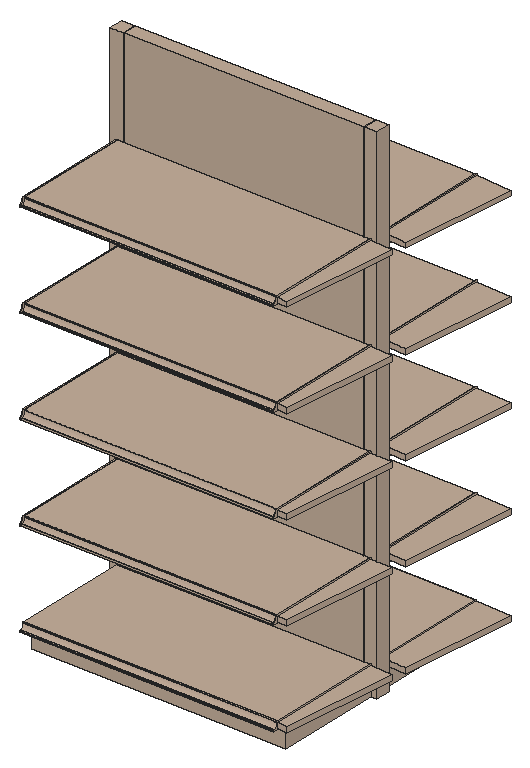
Revit family "ML21 - 6 Degree Angle", category Generic Models, Revit 2012
Parameters (values of type "ML21 - 4'")
  Width = 4' - 0"
  Upright Height [instance] = 8' - 0"
  URL = "http://www.madixinc.com"
  Model = "Maxi Line System - Spacer System for Curved Gondola"
  Material [instance] = Default Madix
  Manufacturer = "© 2014 Madix, Inc. All rights reserved."
  Front Shelf Depth = 1' - 10"
  Back Shelf Depth = 1' - 10"
  4' Front Spacer 6'-6" = yes
  4' Front Spacer 5' = yes
  4' Front Spacer 3'-6" = yes
  4' Front Spacer 2' = yes
  Front Wedge [instance] = Front  # 1' - 10"
  Front Shelf 6'-6" [instance] = yes
  Front Shelf 5' [instance] = yes
  Front Shelf 3'-6" [instance] = yes
  Front Shelf 2' [instance] = yes
  4' Front Base Spacer = yes
  Front Base Shelf [instance] = yes
  Front [instance] = 1' - 10"
  Back Wedge [instance] = Back  # 1' - 10"
  Back Shelf 6'-6" [instance] = yes
  Back Shelf 5' [instance] = yes
  Back Shelf 3'-6" [instance] = yes
  Back Shelf 2' [instance] = yes
  Back Base Shelf [instance] = yes
  Back [instance] = 1' - 10"
  4' Back Spacer 6'-6" = yes
  4' Back Spacer 5' = yes
  4' Back Spacer 3'-6" = yes
  4' Back Spacer 2' = yes
  4' Back Base Spacer = yes
  3' Front Spacer 3'-6" = no
  3' Front Spacer 6'-6" = no
  3' Front Spacer 5' = no
  3' Front Spacer 2' = no
  3' Front Base Spacer = no
  3' Back Spacer 6'-6" = no
  3' Back Spacer 5' = no
  3' Back Spacer 3'-6" = no
  3' Back Spacer 2' = no
  3' Back Base Spacer = no
Reference planes (in)
  plane 1 "Center (Front/Back)": y = 0
  plane 2: z = 0
  plane 3 "Center (Left/Right)": x = 0
Forms (in)
  Extrusion 1, solid, material "Default Madix" <- "Material", visible <- "4' Back Base Spacer"
    sketch origin (0, 0, 4.375) x (1, 0, 0) y (0, 1, 0)
      loop
        line (24, 1.44033) -> (28.58682, 1.20061) -> (30.87333, 23.11113) -> (24, 23.47035) -> (24, 1.44033)
    from 0 to 1
  Extrusion 2, solid, material "Default Madix" <- "Material", visible <- "4' Front Base Spacer"
    sketch origin (0, 0, 4.375) x (1, 0, 0) y (0, 1, 0)
      loop
        line (24, -1.48798) -> (24, -23.518) -> (25.99493, -23.62226) -> (28.28196, -1.71177) -> (24, -1.48798)
    from 0 to 1
  Extrusion 3, solid, material "Default Madix" <- "Material", visible <- "4' Back Spacer 2'"
    sketch origin (0, 0, 22.375) x (1, 0, 0) y (0, 1, 0)
      loop
        line (24, 1.44033) -> (28.58682, 1.20061) -> (30.87333, 23.11113) -> (24, 23.47035) -> (24, 1.44033)
    from 0 to 1
  Extrusion 4, solid, material "Default Madix" <- "Material", visible <- "4' Front Spacer 2'"
    sketch origin (0, 0, 22.375) x (1, 0, 0) y (0, 1, 0)
      loop
        line (24, -1.48798) -> (24, -23.518) -> (25.99493, -23.62226) -> (28.28196, -1.71177) -> (24, -1.48798)
    from 0 to 1
  Extrusion 5, solid, material "Default Madix" <- "Material", visible <- "4' Back Spacer 3'-6""
    sketch origin (0, 0, 40.375) x (1, 0, 0) y (0, 1, 0)
      loop
        line (24, 1.44033) -> (28.58682, 1.20061) -> (30.87333, 23.11113) -> (24, 23.47035) -> (24, 1.44033)
    from 0 to 1
  Extrusion 6, solid, material "Default Madix" <- "Material", visible <- "4' Front Spacer 3'-6""
    sketch origin (0, 0, 40.375) x (1, 0, 0) y (0, 1, 0)
      loop
        line (24, -1.48798) -> (24, -23.518) -> (25.99493, -23.62226) -> (28.28196, -1.71177) -> (24, -1.48798)
    from 0 to 1
  Extrusion 7, solid, material "Default Madix" <- "Material", visible <- "4' Back Spacer 5'"
    sketch origin (0, 0, 58.375) x (1, 0, 0) y (0, 1, 0)
      loop
        line (24, 1.44033) -> (28.58682, 1.20061) -> (30.87333, 23.11113) -> (24, 23.47035) -> (24, 1.44033)
    from 0 to 1
  Extrusion 8, solid, material "Default Madix" <- "Material", visible <- "4' Front Spacer 5'"
    sketch origin (0, 0, 58.375) x (1, 0, 0) y (0, 1, 0)
      loop
        line (24, -1.48798) -> (24, -23.518) -> (25.99493, -23.62226) -> (28.28196, -1.71177) -> (24, -1.48798)
    from 0 to 1
  Extrusion 9, solid, material "Default Madix" <- "Material", visible <- "4' Back Spacer 6'-6""
    sketch origin (0, 0, 76.375) x (1, 0, 0) y (0, 1, 0)
      loop
        line (24, 1.44033) -> (28.58682, 1.20061) -> (30.87333, 23.11113) -> (24, 23.47035) -> (24, 1.44033)
    from 0 to 1
  Extrusion 10, solid, material "Default Madix" <- "Material", visible <- "4' Front Spacer 6'-6""
    sketch origin (0, 0, 76.375) x (1, 0, 0) y (0, 1, 0)
      loop
        line (24, -1.48798) -> (24, -23.518) -> (25.99493, -23.62226) -> (28.28196, -1.71177) -> (24, -1.48798)
    from 0 to 1
  Extrusion 11, solid, material "Default Madix" <- "Material", visible <- "3' Back Base Spacer"
    sketch origin (-6, 0, 4.375) x (1, 0, 0) y (0, 1, 0)
      loop
        line (24, 1.44033) -> (28.58682, 1.20061) -> (30.87333, 23.11113) -> (24, 23.47035) -> (24, 1.44033)
    from 0 to 1
  Extrusion 12, solid, material "Default Madix" <- "Material", visible <- "3' Front Base Spacer"
    sketch origin (-6, 0, 4.375) x (1, 0, 0) y (0, 1, 0)
      loop
        line (24, -1.48798) -> (24, -23.518) -> (25.99493, -23.62226) -> (28.28196, -1.71177) -> (24, -1.48798)
    from 0 to 1
  Extrusion 13, solid, material "Default Madix" <- "Material", visible <- "3' Back Spacer 2'"
    sketch origin (-6, 0, 22.375) x (1, 0, 0) y (0, 1, 0)
      loop
        line (24, 1.44033) -> (28.58682, 1.20061) -> (30.87333, 23.11113) -> (24, 23.47035) -> (24, 1.44033)
    from 0 to 1
  Extrusion 14, solid, material "Default Madix" <- "Material", visible <- "3' Front Spacer 2'"
    sketch origin (-6, 0, 22.375) x (1, 0, 0) y (0, 1, 0)
      loop
        line (24, -1.48798) -> (24, -23.518) -> (25.99493, -23.62226) -> (28.28196, -1.71177) -> (24, -1.48798)
    from 0 to 1
  Extrusion 15, solid, material "Default Madix" <- "Material", visible <- "3' Back Spacer 3'-6""
    sketch origin (-6, 0, 40.375) x (1, 0, 0) y (0, 1, 0)
      loop
        line (24, 1.44033) -> (28.58682, 1.20061) -> (30.87333, 23.11113) -> (24, 23.47035) -> (24, 1.44033)
    from 0 to 1
  Extrusion 16, solid, material "Default Madix" <- "Material", visible <- "3' Front Spacer 3'-6""
    sketch origin (-6, 0, 40.375) x (1, 0, 0) y (0, 1, 0)
      loop
        line (24, -1.48798) -> (24, -23.518) -> (25.99493, -23.62226) -> (28.28196, -1.71177) -> (24, -1.48798)
    from 0 to 1
  Extrusion 17, solid, material "Default Madix" <- "Material", visible <- "3' Back Spacer 5'"
    sketch origin (-6, 0, 58.375) x (1, 0, 0) y (0, 1, 0)
      loop
        line (24, 1.44033) -> (28.58682, 1.20061) -> (30.87333, 23.11113) -> (24, 23.47035) -> (24, 1.44033)
    from 0 to 1
  Extrusion 18, solid, material "Default Madix" <- "Material", visible <- "3' Front Spacer 5'"
    sketch origin (-6, 0, 58.375) x (1, 0, 0) y (0, 1, 0)
      loop
        line (24, -1.48798) -> (24, -23.518) -> (25.99493, -23.62226) -> (28.28196, -1.71177) -> (24, -1.48798)
    from 0 to 1
  Extrusion 19, solid, material "Default Madix" <- "Material", visible <- "3' Back Spacer 6'-6""
    sketch origin (-6, 0, 76.375) x (1, 0, 0) y (0, 1, 0)
      loop
        line (24, 1.44033) -> (28.58682, 1.20061) -> (30.87333, 23.11113) -> (24, 23.47035) -> (24, 1.44033)
    from 0 to 1
  Extrusion 20, solid, material "Default Madix" <- "Material", visible <- "3' Front Spacer 6'-6""
    sketch origin (-6, 0, 76.375) x (1, 0, 0) y (0, 1, 0)
      loop
        line (24, -1.48798) -> (24, -23.518) -> (25.99493, -23.62226) -> (28.28196, -1.71177) -> (24, -1.48798)
    from 0 to 1
Dimensions and locks (in)
  "Front Wedge": Extrusion 2 sketch curve to Extrusion 2 sketch curve
  "Back Wedge": Extrusion 1 sketch curve to Extrusion 1 sketch curve
  "Front Wedge": Extrusion 4 sketch curve to Extrusion 4 sketch curve
  "Back Wedge": Extrusion 3 sketch curve to Extrusion 3 sketch curve
  "Front Wedge": Extrusion 6 sketch curve to Extrusion 6 sketch curve
  "Back Wedge": Extrusion 5 sketch curve to Extrusion 5 sketch curve
  "Front Wedge": Extrusion 8 sketch curve to Extrusion 8 sketch curve
  "Back Wedge": Extrusion 7 sketch curve to Extrusion 7 sketch curve
  "Front Wedge": Extrusion 10 sketch curve to Extrusion 10 sketch curve
  "Back Wedge": Extrusion 9 sketch curve to Extrusion 9 sketch curve
  "Front Wedge": Extrusion 12 sketch curve to Extrusion 12 sketch curve
  "Back Wedge": Extrusion 11 sketch curve to Extrusion 11 sketch curve
  "Front Wedge": Extrusion 14 sketch curve to Extrusion 14 sketch curve
  "Back Wedge": Extrusion 13 sketch curve to Extrusion 13 sketch curve
  "Front Wedge": Extrusion 16 sketch curve to Extrusion 16 sketch curve
  "Back Wedge": Extrusion 15 sketch curve to Extrusion 15 sketch curve
  "Front Wedge": Extrusion 18 sketch curve to Extrusion 18 sketch curve
  "Back Wedge": Extrusion 17 sketch curve to Extrusion 17 sketch curve
  "Front Wedge": Extrusion 20 sketch curve to Extrusion 20 sketch curve
  "Back Wedge": Extrusion 19 sketch curve to Extrusion 19 sketch curve
  aligned and locked: plane 2 to level
Automatic sketch dimensions
  plane 3 "Center (Left/Right)" to Extrusion 1 sketch curve = 2' - 0"
  Extrusion 1 sketch curve to plane 1 "Center (Front/Back)" = 0' - 1.20061"
  Extrusion 1 sketch curve to Extrusion 1 sketch curve = 0' - 4.58682"
  Extrusion 1 sketch curve to Extrusion 1 sketch curve = 0' - 6.87333"
  Extrusion 1 sketch curve to plane 1 "Center (Front/Back)" = 0' - 1.44033"
  plane 1 "Center (Front/Back)" to Extrusion 2 sketch curve = 0' - 1.48798"
  plane 3 "Center (Left/Right)" to Extrusion 2 sketch curve = 2' - 0"
  Extrusion 2 sketch curve to Extrusion 2 sketch curve = 0' - 1.99493"
  plane 1 "Center (Front/Back)" to Extrusion 2 sketch curve = 0' - 1.71177"
  Extrusion 2 sketch curve to Extrusion 2 sketch curve = 0' - 4.28196"
  plane 3 "Center (Left/Right)" to Extrusion 3 sketch curve = 2' - 0"
  Extrusion 3 sketch curve to plane 1 "Center (Front/Back)" = 0' - 1.20061"
  Extrusion 3 sketch curve to Extrusion 3 sketch curve = 0' - 4.58682"
  Extrusion 3 sketch curve to Extrusion 3 sketch curve = 0' - 6.87333"
  Extrusion 3 sketch curve to plane 1 "Center (Front/Back)" = 0' - 1.44033"
  plane 1 "Center (Front/Back)" to Extrusion 4 sketch curve = 0' - 1.48798"
  plane 3 "Center (Left/Right)" to Extrusion 4 sketch curve = 2' - 0"
  Extrusion 4 sketch curve to Extrusion 4 sketch curve = 0' - 1.99493"
  plane 1 "Center (Front/Back)" to Extrusion 4 sketch curve = 0' - 1.71177"
  Extrusion 4 sketch curve to Extrusion 4 sketch curve = 0' - 4.28196"
  plane 3 "Center (Left/Right)" to Extrusion 5 sketch curve = 2' - 0"
  Extrusion 5 sketch curve to plane 1 "Center (Front/Back)" = 0' - 1.20061"
  Extrusion 5 sketch curve to Extrusion 5 sketch curve = 0' - 4.58682"
  Extrusion 5 sketch curve to Extrusion 5 sketch curve = 0' - 6.87333"
  Extrusion 5 sketch curve to plane 1 "Center (Front/Back)" = 0' - 1.44033"
  plane 1 "Center (Front/Back)" to Extrusion 6 sketch curve = 0' - 1.48798"
  plane 3 "Center (Left/Right)" to Extrusion 6 sketch curve = 2' - 0"
  Extrusion 6 sketch curve to Extrusion 6 sketch curve = 0' - 1.99493"
  plane 1 "Center (Front/Back)" to Extrusion 6 sketch curve = 0' - 1.71177"
  Extrusion 6 sketch curve to Extrusion 6 sketch curve = 0' - 4.28196"
  plane 3 "Center (Left/Right)" to Extrusion 7 sketch curve = 2' - 0"
  Extrusion 7 sketch curve to plane 1 "Center (Front/Back)" = 0' - 1.20061"
  Extrusion 7 sketch curve to Extrusion 7 sketch curve = 0' - 4.58682"
  Extrusion 7 sketch curve to Extrusion 7 sketch curve = 0' - 6.87333"
  Extrusion 7 sketch curve to plane 1 "Center (Front/Back)" = 0' - 1.44033"
  plane 1 "Center (Front/Back)" to Extrusion 8 sketch curve = 0' - 1.48798"
  plane 3 "Center (Left/Right)" to Extrusion 8 sketch curve = 2' - 0"
  Extrusion 8 sketch curve to Extrusion 8 sketch curve = 0' - 1.99493"
  plane 1 "Center (Front/Back)" to Extrusion 8 sketch curve = 0' - 1.71177"
  Extrusion 8 sketch curve to Extrusion 8 sketch curve = 0' - 4.28196"
  plane 3 "Center (Left/Right)" to Extrusion 9 sketch curve = 2' - 0"
  Extrusion 9 sketch curve to plane 1 "Center (Front/Back)" = 0' - 1.20061"
  Extrusion 9 sketch curve to Extrusion 9 sketch curve = 0' - 4.58682"
  Extrusion 9 sketch curve to Extrusion 9 sketch curve = 0' - 6.87333"
  Extrusion 9 sketch curve to plane 1 "Center (Front/Back)" = 0' - 1.44033"
  plane 1 "Center (Front/Back)" to Extrusion 10 sketch curve = 0' - 1.48798"
  plane 3 "Center (Left/Right)" to Extrusion 10 sketch curve = 2' - 0"
  Extrusion 10 sketch curve to Extrusion 10 sketch curve = 0' - 1.99493"
  plane 1 "Center (Front/Back)" to Extrusion 10 sketch curve = 0' - 1.71177"
  Extrusion 10 sketch curve to Extrusion 10 sketch curve = 0' - 4.28196"
  plane 3 "Center (Left/Right)" to Extrusion 11 sketch curve = 1' - 6"
  Extrusion 11 sketch curve to plane 1 "Center (Front/Back)" = 0' - 1.20061"
  Extrusion 11 sketch curve to Extrusion 11 sketch curve = 0' - 4.58682"
  Extrusion 11 sketch curve to Extrusion 11 sketch curve = 0' - 6.87333"
  Extrusion 11 sketch curve to plane 1 "Center (Front/Back)" = 0' - 1.44033"
  plane 1 "Center (Front/Back)" to Extrusion 12 sketch curve = 0' - 1.48798"
  plane 3 "Center (Left/Right)" to Extrusion 12 sketch curve = 1' - 6"
  Extrusion 12 sketch curve to Extrusion 12 sketch curve = 0' - 1.99493"
  plane 1 "Center (Front/Back)" to Extrusion 12 sketch curve = 0' - 1.71177"
  Extrusion 12 sketch curve to Extrusion 12 sketch curve = 0' - 4.28196"
  plane 3 "Center (Left/Right)" to Extrusion 13 sketch curve = 1' - 6"
  Extrusion 13 sketch curve to plane 1 "Center (Front/Back)" = 0' - 1.20061"
  Extrusion 13 sketch curve to Extrusion 13 sketch curve = 0' - 4.58682"
  Extrusion 13 sketch curve to Extrusion 13 sketch curve = 0' - 6.87333"
  Extrusion 13 sketch curve to plane 1 "Center (Front/Back)" = 0' - 1.44033"
  plane 1 "Center (Front/Back)" to Extrusion 14 sketch curve = 0' - 1.48798"
  plane 3 "Center (Left/Right)" to Extrusion 14 sketch curve = 1' - 6"
  Extrusion 14 sketch curve to Extrusion 14 sketch curve = 0' - 1.99493"
  plane 1 "Center (Front/Back)" to Extrusion 14 sketch curve = 0' - 1.71177"
  Extrusion 14 sketch curve to Extrusion 14 sketch curve = 0' - 4.28196"
  plane 3 "Center (Left/Right)" to Extrusion 15 sketch curve = 1' - 6"
  Extrusion 15 sketch curve to plane 1 "Center (Front/Back)" = 0' - 1.20061"
  Extrusion 15 sketch curve to Extrusion 15 sketch curve = 0' - 4.58682"
  Extrusion 15 sketch curve to Extrusion 15 sketch curve = 0' - 6.87333"
  Extrusion 15 sketch curve to plane 1 "Center (Front/Back)" = 0' - 1.44033"
  plane 1 "Center (Front/Back)" to Extrusion 16 sketch curve = 0' - 1.48798"
  plane 3 "Center (Left/Right)" to Extrusion 16 sketch curve = 1' - 6"
  Extrusion 16 sketch curve to Extrusion 16 sketch curve = 0' - 1.99493"
  plane 1 "Center (Front/Back)" to Extrusion 16 sketch curve = 0' - 1.71177"
  Extrusion 16 sketch curve to Extrusion 16 sketch curve = 0' - 4.28196"
  plane 3 "Center (Left/Right)" to Extrusion 17 sketch curve = 1' - 6"
  Extrusion 17 sketch curve to plane 1 "Center (Front/Back)" = 0' - 1.20061"
  Extrusion 17 sketch curve to Extrusion 17 sketch curve = 0' - 4.58682"
  Extrusion 17 sketch curve to Extrusion 17 sketch curve = 0' - 6.87333"
  Extrusion 17 sketch curve to plane 1 "Center (Front/Back)" = 0' - 1.44033"
  plane 1 "Center (Front/Back)" to Extrusion 18 sketch curve = 0' - 1.48798"
  plane 3 "Center (Left/Right)" to Extrusion 18 sketch curve = 1' - 6"
  Extrusion 18 sketch curve to Extrusion 18 sketch curve = 0' - 1.99493"
  plane 1 "Center (Front/Back)" to Extrusion 18 sketch curve = 0' - 1.71177"
  Extrusion 18 sketch curve to Extrusion 18 sketch curve = 0' - 4.28196"
  plane 3 "Center (Left/Right)" to Extrusion 19 sketch curve = 1' - 6"
  Extrusion 19 sketch curve to plane 1 "Center (Front/Back)" = 0' - 1.20061"
  Extrusion 19 sketch curve to Extrusion 19 sketch curve = 0' - 4.58682"
  Extrusion 19 sketch curve to Extrusion 19 sketch curve = 0' - 6.87333"
  Extrusion 19 sketch curve to plane 1 "Center (Front/Back)" = 0' - 1.44033"
  plane 1 "Center (Front/Back)" to Extrusion 20 sketch curve = 0' - 1.48798"
  plane 3 "Center (Left/Right)" to Extrusion 20 sketch curve = 1' - 6"
  Extrusion 20 sketch curve to Extrusion 20 sketch curve = 0' - 1.99493"
  plane 1 "Center (Front/Back)" to Extrusion 20 sketch curve = 0' - 1.71177"
  Extrusion 20 sketch curve to Extrusion 20 sketch curve = 0' - 4.28196"
Nested families (in)
  nested 1: "ML1" at (0, 0, 0), "Front" Base Shelf <- "Front Base Shelf", "Front" Shelf 2' <- "Front Shelf 2'", "Front" Shelf 3' - 6" <- "Front Shelf 3'-6"", "Front" Shelf 5' <- "Front Shelf 5'", "Front" Shelf 6' - 6" <- "Front Shelf 6'-6"", "Back" Base Shelf <- "Back Base Shelf", "Back" Shelf 2' <- "Back Shelf 2'", "Back" Shelf 3' - 6" <- "Back Shelf 3'-6"", "Back" Shelf 5' <- "Back Shelf 5'", "Back" Shelf 6' - 6" <- "Back Shelf 6'-6"", Material <- "Material", type "Maxi Line Starter (Default)"
    with Material Default Madix, "Front" Shelf 6' - 6" yes, "Front" Shelf 5' yes, "Front" Shelf 3' - 6" yes, "Front" Shelf 2' yes, "Front" Base Shelf yes, "Back" Shelf 6' - 6" yes, "Back" Shelf 5' yes, "Back" Shelf 3' - 6" yes, "Back" Shelf 2' yes, "Back" Base Shelf yes
Definition of nested family "ML1"
  Parameters (values of type "Maxi Line Starter (Default)")
    Width = 4' - 0"
    URL = "http://madixinc.com/display/maxiline/core.html"
    Model = "Maxi Line"
    Material [instance] = Madix Default
    Manufacturer = "© 2012 Madix, Inc. All rights reserved."
    "Front" Base Shelf [instance] = yes
    "Front" Shelf 2' [instance] = yes
    "Front" Shelf 3' - 6" [instance] = yes
    "Front" Shelf 5' [instance] = yes
    "Front" Shelf 6' - 6" [instance] = yes
    "Back" Base Shelf [instance] = yes
    "Back" Shelf 2' [instance] = yes
    "Back" Shelf 3' - 6" [instance] = yes
    "Front" Shelf Depth = 1' - 10"
    "Back" Shelf 5' [instance] = yes
    "Back" Shelf Depth = 1' - 10"
    Upright Height = 8' - 0"
    "Back" Shelf 6' - 6" [instance] = yes
  Types (3): name | Width | Material
    Maxi Line Starter (Default) | 4' - 0" | Madix Default
    CURVED GONDOLA - 3'-0" | 3' - 0" | Metal - Steel
    CURVED GONDOLA - 4'-0" | 4' - 0" | Metal - Steel
  Reference planes (in)
    plane 1 "Center (Front/Back)": y = 0
    plane 2: z = 0
    plane 3 "Center (Left/Right)": x = 0
    plane 4: y = 1.375
    plane 5: y = -1.375
    plane 6: z = 96
    plane 7: z = 0
    plane 8 "1st shelf": z = 23.5
    plane 9 "2nd shelf": z = 41.5
    plane 10 "3rd shelf": z = 59.5
    plane 11 "4th shelf": z = 77.5
    plane 12: y = -24.25
    plane 13: x = -24
    plane 14: x = 24
    plane 15: x = -23.875
    plane 16: x = 23.875
    plane 17: z = 41.5
    plane 18: y = 24.25
    plane 19: y = 23.375
    plane 20: y = -23.375
  Forms (in)
    Extrusion 1, solid, material "Madix Default" <- "Material"
      sketch origin (-24, 1.375, 0) x (1, 0, 0) y (0, 0, 1)
        loop
          line (0, 0) -> (1.25, 0) -> (48, 0) -> (49.25, 0) -> (49.25, 96) -> (46.75, 96) -> (46.75, 0.03125) -> (46.71924, 0.03125) -> (46.71924, 96) -> (1.2815, 96) -> (1.2815, 0.03125) -> (1.25, 0.03125) -> (1.25, 96) -> (-1.25, 96) -> (-1.25, 0) -> (0, 0)
      from 0 to 2.75
    Extrusion 2, solid, material "Madix Default" <- "Material", visible <- ""Front" Base Shelf"
      sketch origin (0, 0, 0) x (0, 1, 0) y (0, 0, 1)
        loop
          line (-1.375, 0) -> (-1.375, 5.5) -> (-23.375, 5.5) -> (-23.50139, 5.5) -> (-23.50139, 5.375) -> (-23.375, 5.375)
          arc (-23.375, 5.375) -> (-23.63696, 4.73714) -> (-24.125, 4.25) r 1.75
          line (-24.125, 4.25) -> (-24.125, 4.375) -> (-24.25, 4.375) -> (-24.25, 4.25) -> (-24.25, 4.125) -> (-21.375, 4.125) -> (-21.375, 0) -> (-1.375, 0)
      from -24 to 24
    Extrusion 3, solid, material "Madix Default" <- "Material", visible <- ""Front" Shelf 2'"
      sketch origin (0, 0, 0) x (0, 1, 0) y (0, 0, 1)
        loop
          line (-1.375, 23.5) -> (-23.5, 23.5) -> (-23.625, 23.5)
          arc (-23.625, 23.5) -> (-23.83033, 22.87796) -> (-24.25, 22.375) r 1.75
          line (-24.25, 22.375) -> (-24.25, 22.125) -> (-23.375, 22.125) -> (-23.375, 22.375) -> (-22.625, 23) -> (-22.375, 23) -> (-22.375, 22.875) -> (-1.375, 20.75) -> (-1.375, 23.5)
        loop
          circle (-20.375, 23) r 0.125
        loop
          circle (-2.5, 23) r 0.125
      from -24 to -23.875
    Extrusion 4, solid, material "Madix Default" <- "Material", visible <- ""Front" Shelf 2'"
      sketch origin (0, 0, 0) x (0, 1, 0) y (0, 0, 1)
        loop
          line (-23.5, 23.5) -> (-23.5, 23.375) -> (-23.375, 23.375)
          arc (-23.375, 23.375) -> (-23.58033, 22.75296) -> (-24, 22.25) r 1.75
          line (-24, 22.25) -> (-24, 22.375) -> (-24.125, 22.375) -> (-24.125, 22.125) -> (-23.375, 22.125) -> (-1.375, 22.125) -> (-1.375, 23.5) -> (-23.5, 23.5)
      from -23.875 to 23.875
    Extrusion 5, solid, material "Madix Default" <- "Material", visible <- ""Front" Shelf 2'"
      sketch origin (0, 0, 0) x (0, 1, 0) y (0, 0, -1)
        loop
          line (-1.375, -23.5) -> (-1.375, -20.75) -> (-22.375, -22.875) -> (-22.375, -23) -> (-22.625, -23) -> (-23.375, -22.375) -> (-23.375, -22.125) -> (-24.25, -22.125) -> (-24.25, -22.375)
          arc (-24.25, -22.375) -> (-23.83033, -22.87796) -> (-23.625, -23.5) r 1.75
          line (-23.625, -23.5) -> (-23.5, -23.5) -> (-1.375, -23.5)
        loop
          circle (-20.375, -23) r 0.125
        loop
          circle (-2.5, -23) r 0.125
      from -24 to -23.875
    Extrusion 6, solid, material "Madix Default" <- "Material", visible <- ""Front" Shelf 3' - 6""
      sketch origin (0, 0, 18) x (0, 1, 0) y (0, 0, 1)
        loop
          line (-1.375, 23.5) -> (-23.5, 23.5) -> (-23.625, 23.5)
          arc (-23.625, 23.5) -> (-23.83033, 22.87796) -> (-24.25, 22.375) r 1.75
          line (-24.25, 22.375) -> (-24.25, 22.125) -> (-23.375, 22.125) -> (-23.375, 22.375) -> (-22.625, 23) -> (-22.375, 23) -> (-22.375, 22.875) -> (-1.375, 20.75) -> (-1.375, 23.5)
        loop
          circle (-20.375, 23) r 0.125
        loop
          circle (-2.5, 23) r 0.125
      from -24 to -23.875
    Extrusion 7, solid, material "Madix Default" <- "Material", visible <- ""Front" Shelf 3' - 6""
      sketch origin (0, 0, 18) x (0, 1, 0) y (0, 0, 1)
        loop
          line (-23.5, 23.5) -> (-23.5, 23.375) -> (-23.375, 23.375)
          arc (-23.375, 23.375) -> (-23.58033, 22.75296) -> (-24, 22.25) r 1.75
          line (-24, 22.25) -> (-24, 22.375) -> (-24.25, 22.375) -> (-24.25, 22.125) -> (-23.375, 22.125) -> (-1.375, 22.125) -> (-1.375, 23.5) -> (-23.5, 23.5)
      from -23.875 to 23.875
    Extrusion 8, solid, material "Madix Default" <- "Material", visible <- ""Front" Shelf 3' - 6""
      sketch origin (0, 0, 18) x (0, 1, 0) y (0, 0, -1)
        loop
          line (-1.375, -23.5) -> (-1.375, -20.75) -> (-22.375, -22.875) -> (-22.375, -23) -> (-22.625, -23) -> (-23.375, -22.375) -> (-23.375, -22.125) -> (-24.25, -22.125) -> (-24.25, -22.375)
          arc (-24.25, -22.375) -> (-23.83033, -22.87796) -> (-23.625, -23.5) r 1.75
          line (-23.625, -23.5) -> (-23.5, -23.5) -> (-1.375, -23.5)
        loop
          circle (-20.375, -23) r 0.125
        loop
          circle (-2.5, -23) r 0.125
      from -24 to -23.875
    Extrusion 9, solid, material "Madix Default" <- "Material", visible <- ""Front" Shelf 5'"
      sketch origin (0, 0, 36) x (0, 1, 0) y (0, 0, 1)
        loop
          line (-1.375, 23.5) -> (-23.5, 23.5) -> (-23.625, 23.5)
          arc (-23.625, 23.5) -> (-23.83033, 22.87796) -> (-24.25, 22.375) r 1.75
          line (-24.25, 22.375) -> (-24.25, 22.125) -> (-23.375, 22.125) -> (-23.375, 22.375) -> (-22.625, 23) -> (-22.375, 23) -> (-22.375, 22.875) -> (-1.375, 20.75) -> (-1.375, 23.5)
        loop
          circle (-20.375, 23) r 0.125
        loop
          circle (-2.5, 23) r 0.125
      from -24 to -23.875
    Extrusion 10, solid, material "Madix Default" <- "Material", visible <- ""Front" Shelf 5'"
      sketch origin (0, 0, 36) x (0, 1, 0) y (0, 0, 1)
        loop
          line (-23.5, 23.5) -> (-23.5, 23.375) -> (-23.375, 23.375)
          arc (-23.375, 23.375) -> (-23.58033, 22.75296) -> (-24, 22.25) r 1.75
          line (-24, 22.25) -> (-24, 22.375) -> (-24.25, 22.375) -> (-24.25, 22.125) -> (-23.375, 22.125) -> (-1.375, 22.125) -> (-1.375, 23.5) -> (-23.5, 23.5)
      from -23.875 to 23.875
    Extrusion 11, solid, material "Madix Default" <- "Material", visible <- ""Front" Shelf 5'"
      sketch origin (0, 0, 36) x (0, 1, 0) y (0, 0, -1)
        loop
          line (-1.375, -23.5) -> (-1.375, -20.75) -> (-22.375, -22.875) -> (-22.375, -23) -> (-22.625, -23) -> (-23.375, -22.375) -> (-23.375, -22.125) -> (-24.25, -22.125) -> (-24.25, -22.375)
          arc (-24.25, -22.375) -> (-23.83033, -22.87796) -> (-23.625, -23.5) r 1.75
          line (-23.625, -23.5) -> (-23.5, -23.5) -> (-1.375, -23.5)
        loop
          circle (-20.375, -23) r 0.125
        loop
          circle (-2.5, -23) r 0.125
      from -24 to -23.875
    Extrusion 12, solid, material "Madix Default" <- "Material", visible <- ""Front" Shelf 6' - 6""
      sketch origin (0, 0, 54) x (0, 1, 0) y (0, 0, 1)
        loop
          line (-1.375, 23.5) -> (-23.5, 23.5) -> (-23.625, 23.5)
          arc (-23.625, 23.5) -> (-23.83033, 22.87796) -> (-24.25, 22.375) r 1.75
          line (-24.25, 22.375) -> (-24.25, 22.125) -> (-23.375, 22.125) -> (-23.375, 22.375) -> (-22.625, 23) -> (-22.375, 23) -> (-22.375, 22.875) -> (-1.375, 20.75) -> (-1.375, 23.5)
        loop
          circle (-20.375, 23) r 0.125
        loop
          circle (-2.5, 23) r 0.125
      from -24 to -23.875
    Extrusion 13, solid, material "Madix Default" <- "Material", visible <- ""Front" Shelf 6' - 6""
      sketch origin (0, 0, 54) x (0, 1, 0) y (0, 0, 1)
        loop
          line (-23.5, 23.5) -> (-23.5, 23.375) -> (-23.375, 23.375)
          arc (-23.375, 23.375) -> (-23.58033, 22.75296) -> (-24, 22.25) r 1.75
          line (-24, 22.25) -> (-24, 22.375) -> (-24.25, 22.375) -> (-24.25, 22.125) -> (-23.375, 22.125) -> (-1.375, 22.125) -> (-1.375, 23.5) -> (-23.5, 23.5)
      from -23.875 to 23.875
    Extrusion 14, solid, material "Madix Default" <- "Material", visible <- ""Front" Shelf 6' - 6""
      sketch origin (0, 0, 54) x (0, 1, 0) y (0, 0, -1)
        loop
          line (-1.375, -23.5) -> (-1.375, -20.75) -> (-22.375, -22.875) -> (-22.375, -23) -> (-22.625, -23) -> (-23.375, -22.375) -> (-23.375, -22.125) -> (-24.25, -22.125) -> (-24.25, -22.375)
          arc (-24.25, -22.375) -> (-23.83033, -22.87796) -> (-23.625, -23.5) r 1.75
          line (-23.625, -23.5) -> (-23.5, -23.5) -> (-1.375, -23.5)
        loop
          circle (-20.375, -23) r 0.125
        loop
          circle (-2.5, -23) r 0.125
      from -24 to -23.875
    Extrusion 15, solid, material "Madix Default" <- "Material", visible <- ""Back" Base Shelf"
      sketch origin (0, 0, 0) x (0, -1, 0) y (0, 0, -1)
        loop
          line (-1.375, 0) -> (-21.375, 0) -> (-21.375, -4.125) -> (-24.25, -4.125) -> (-24.25, -4.25) -> (-24.25, -4.375) -> (-24.125, -4.375) -> (-24.125, -4.25)
          arc (-24.125, -4.25) -> (-23.63696, -4.73714) -> (-23.375, -5.375) r 1.75
          line (-23.375, -5.375) -> (-23.50139, -5.375) -> (-23.50139, -5.5) -> (-23.375, -5.5) -> (-1.375, -5.5) -> (-1.375, 0)
      from -24 to 24
    Extrusion 16, solid, material "Madix Default" <- "Material", visible <- ""Back" Shelf 2'"
      sketch origin (0, 0, 0) x (0, -1, 0) y (0, 0, -1)
        loop
          line (-1.375, -23.5) -> (-1.375, -20.75) -> (-22.375, -22.875) -> (-22.375, -23) -> (-22.625, -23) -> (-23.375, -22.375) -> (-23.375, -22.125) -> (-24.25, -22.125) -> (-24.25, -22.375)
          arc (-24.25, -22.375) -> (-23.83033, -22.87796) -> (-23.625, -23.5) r 1.75
          line (-23.625, -23.5) -> (-23.5, -23.5) -> (-1.375, -23.5)
        loop
          circle (-20.375, -23) r 0.125
        loop
          circle (-2.5, -23) r 0.125
      from -24 to -23.875
    Extrusion 17, solid, material "Madix Default" <- "Material", visible <- ""Back" Shelf 2'"
      sketch origin (0, 0, 0) x (0, -1, 0) y (0, 0, -1)
        loop
          line (-23.5, -23.5) -> (-1.375, -23.5) -> (-1.375, -22.125) -> (-23.375, -22.125) -> (-24.125, -22.125) -> (-24.125, -22.375) -> (-24, -22.375) -> (-24, -22.25)
          arc (-24, -22.25) -> (-23.58033, -22.75296) -> (-23.375, -23.375) r 1.75
          line (-23.375, -23.375) -> (-23.5, -23.375) -> (-23.5, -23.5)
      from -23.875 to 23.875
    Extrusion 18, solid, material "Madix Default" <- "Material", visible <- ""Back" Shelf 2'"
      sketch origin (0, 0, 0) x (0, -1, 0) y (0, 0, 1)
        loop
          line (-1.375, 23.5) -> (-23.5, 23.5) -> (-23.625, 23.5)
          arc (-23.625, 23.5) -> (-23.83033, 22.87796) -> (-24.25, 22.375) r 1.75
          line (-24.25, 22.375) -> (-24.25, 22.125) -> (-23.375, 22.125) -> (-23.375, 22.375) -> (-22.625, 23) -> (-22.375, 23) -> (-22.375, 22.875) -> (-1.375, 20.75) -> (-1.375, 23.5)
        loop
          circle (-20.375, 23) r 0.125
        loop
          circle (-2.5, 23) r 0.125
      from -24 to -23.875
    Extrusion 19, solid, material "Madix Default" <- "Material", visible <- ""Back" Shelf 3' - 6""
      sketch origin (0, 0, 18) x (0, -1, 0) y (0, 0, -1)
        loop
          line (-1.375, -23.5) -> (-1.375, -20.75) -> (-22.375, -22.875) -> (-22.375, -23) -> (-22.625, -23) -> (-23.375, -22.375) -> (-23.375, -22.125) -> (-24.25, -22.125) -> (-24.25, -22.375)
          arc (-24.25, -22.375) -> (-23.83033, -22.87796) -> (-23.625, -23.5) r 1.75
          line (-23.625, -23.5) -> (-23.5, -23.5) -> (-1.375, -23.5)
        loop
          circle (-20.375, -23) r 0.125
        loop
          circle (-2.5, -23) r 0.125
      from -24 to -23.875
    Extrusion 20, solid, material "Madix Default" <- "Material", visible <- ""Back" Shelf 3' - 6""
      sketch origin (0, 0, 18) x (0, -1, 0) y (0, 0, -1)
        loop
          line (-23.5, -23.5) -> (-1.375, -23.5) -> (-1.375, -22.125) -> (-23.375, -22.125) -> (-24.25, -22.125) -> (-24.25, -22.375) -> (-24, -22.375) -> (-24, -22.25)
          arc (-24, -22.25) -> (-23.58033, -22.75296) -> (-23.375, -23.375) r 1.75
          line (-23.375, -23.375) -> (-23.5, -23.375) -> (-23.5, -23.5)
      from -23.875 to 23.875
    Extrusion 21, solid, material "Madix Default" <- "Material", visible <- ""Back" Shelf 3' - 6""
      sketch origin (0, 0, 18) x (0, -1, 0) y (0, 0, 1)
        loop
          line (-1.375, 23.5) -> (-23.5, 23.5) -> (-23.625, 23.5)
          arc (-23.625, 23.5) -> (-23.83033, 22.87796) -> (-24.25, 22.375) r 1.75
          line (-24.25, 22.375) -> (-24.25, 22.125) -> (-23.375, 22.125) -> (-23.375, 22.375) -> (-22.625, 23) -> (-22.375, 23) -> (-22.375, 22.875) -> (-1.375, 20.75) -> (-1.375, 23.5)
        loop
          circle (-20.375, 23) r 0.125
        loop
          circle (-2.5, 23) r 0.125
      from -24 to -23.875
    Extrusion 22, solid, material "Madix Default" <- "Material", visible <- ""Back" Shelf 5'"
      sketch origin (0, 0, 36) x (0, -1, 0) y (0, 0, -1)
        loop
          line (-1.375, -23.5) -> (-1.375, -20.75) -> (-22.375, -22.875) -> (-22.375, -23) -> (-22.625, -23) -> (-23.375, -22.375) -> (-23.375, -22.125) -> (-24.25, -22.125) -> (-24.25, -22.375)
          arc (-24.25, -22.375) -> (-23.83033, -22.87796) -> (-23.625, -23.5) r 1.75
          line (-23.625, -23.5) -> (-23.5, -23.5) -> (-1.375, -23.5)
        loop
          circle (-20.375, -23) r 0.125
        loop
          circle (-2.5, -23) r 0.125
      from -24 to -23.875
    Extrusion 23, solid, material "Madix Default" <- "Material", visible <- ""Back" Shelf 5'"
      sketch origin (0, 0, 36) x (0, -1, 0) y (0, 0, -1)
        loop
          line (-23.5, -23.5) -> (-1.375, -23.5) -> (-1.375, -22.125) -> (-23.375, -22.125) -> (-24.25, -22.125) -> (-24.25, -22.375) -> (-24, -22.375) -> (-24, -22.25)
          arc (-24, -22.25) -> (-23.58033, -22.75296) -> (-23.375, -23.375) r 1.75
          line (-23.375, -23.375) -> (-23.5, -23.375) -> (-23.5, -23.5)
      from -23.875 to 23.875
    Extrusion 24, solid, material "Madix Default" <- "Material", visible <- ""Back" Shelf 5'"
      sketch origin (0, 0, 36) x (0, -1, 0) y (0, 0, 1)
        loop
          line (-1.375, 23.5) -> (-23.5, 23.5) -> (-23.625, 23.5)
          arc (-23.625, 23.5) -> (-23.83033, 22.87796) -> (-24.25, 22.375) r 1.75
          line (-24.25, 22.375) -> (-24.25, 22.125) -> (-23.375, 22.125) -> (-23.375, 22.375) -> (-22.625, 23) -> (-22.375, 23) -> (-22.375, 22.875) -> (-1.375, 20.75) -> (-1.375, 23.5)
        loop
          circle (-20.375, 23) r 0.125
        loop
          circle (-2.5, 23) r 0.125
      from -24 to -23.875
    Extrusion 25, solid, material "Madix Default" <- "Material", visible <- ""Back" Shelf 6' - 6""
      sketch origin (0, 0, 54) x (0, -1, 0) y (0, 0, -1)
        loop
          line (-1.375, -23.5) -> (-1.375, -20.75) -> (-22.375, -22.875) -> (-22.375, -23) -> (-22.625, -23) -> (-23.375, -22.375) -> (-23.375, -22.125) -> (-24.25, -22.125) -> (-24.25, -22.375)
          arc (-24.25, -22.375) -> (-23.83033, -22.87796) -> (-23.625, -23.5) r 1.75
          line (-23.625, -23.5) -> (-23.5, -23.5) -> (-1.375, -23.5)
        loop
          circle (-20.375, -23) r 0.125
        loop
          circle (-2.5, -23) r 0.125
      from -24 to -23.875
    Extrusion 26, solid, material "Madix Default" <- "Material", visible <- ""Back" Shelf 6' - 6""
      sketch origin (0, 0, 54) x (0, -1, 0) y (0, 0, -1)
        loop
          line (-23.5, -23.5) -> (-1.375, -23.5) -> (-1.375, -22.125) -> (-23.375, -22.125) -> (-24.25, -22.125) -> (-24.25, -22.375) -> (-24, -22.375) -> (-24, -22.25)
          arc (-24, -22.25) -> (-23.58033, -22.75296) -> (-23.375, -23.375) r 1.75
          line (-23.375, -23.375) -> (-23.5, -23.375) -> (-23.5, -23.5)
      from -23.875 to 23.875
    Extrusion 27, solid, material "Madix Default" <- "Material", visible <- ""Back" Shelf 6' - 6""
      sketch origin (0, 0, 54) x (0, -1, 0) y (0, 0, 1)
        loop
          line (-1.375, 23.5) -> (-23.5, 23.5) -> (-23.625, 23.5)
          arc (-23.625, 23.5) -> (-23.83033, 22.87796) -> (-24.25, 22.375) r 1.75
          line (-24.25, 22.375) -> (-24.25, 22.125) -> (-23.375, 22.125) -> (-23.375, 22.375) -> (-22.625, 23) -> (-22.375, 23) -> (-22.375, 22.875) -> (-1.375, 20.75) -> (-1.375, 23.5)
        loop
          circle (-20.375, 23) r 0.125
        loop
          circle (-2.5, 23) r 0.125
      from -24 to -23.875
  Lines and regions (in)
    Split face 1
      outline origin (-24, -1.375, 0) x (1, 0, 0) y (0, 0, 1)
        loop
          line (1.2815, 96) -> (1.2815, 0.03125) -> (46.71924, 0.03125) -> (46.71924, 96)
    Split face 2
      outline origin (-24, 1.375, 0) x (1, 0, 0) y (0, 0, 1)
        loop
          line (46.71924, 96) -> (46.71924, 0.03125) -> (1.2815, 0.03125) -> (1.2815, 96)
    reference lines
      curve 1: line (-22.75, 0, 59.5) -> (22.71875, 0, 59.5)
      curve 2: line (22.71875, 0, 77.5) -> (-22.71875, 0, 77.5)
  Dimensions and locks (in)
    "Upright Height": plane 6 to level
    ""Front" Shelf Depth": plane 20 to plane 5
    equal spacing: plane 13, plane 3 "Center (Left/Right)", plane 14
    "Width": plane 13 to plane 14
    locked: plane 13 to plane 15 at 0.125
    locked: plane 16 to plane 14 at 0.125
    ""Back" Shelf Depth": plane 4 to plane 19
    locked: plane 19 to plane 18 at 0.875
    locked: plane 20 to plane 12 at 0.875
    aligned and locked: level to plane 2
    aligned and locked: plane 12 to Extrusion 2
    aligned and locked: Extrusion 2 to plane 5
    aligned and locked: plane 13 to Extrusion 2
    aligned and locked: plane 14 to Extrusion 2
    aligned and locked: Extrusion 4 to Extrusion 5
    aligned and locked: Extrusion 3 to Extrusion 2
    aligned and locked: Extrusion 3 to plane 15
    aligned and locked: Extrusion 4 to Extrusion 3
    aligned and locked: Extrusion 5 to Extrusion 2
    aligned and locked: plane 16 to Extrusion 5
    aligned and locked: Extrusion 7 to Extrusion 8
    aligned and locked: Extrusion 7 to Extrusion 6
    aligned and locked: Extrusion 6 to Extrusion 3
    aligned and locked: Extrusion 8 to Extrusion 4
    aligned and locked: Extrusion 8 to Extrusion 2
    aligned and locked: Extrusion 2 to Extrusion 7
    aligned and locked: Extrusion 6 to plane 15
    aligned and locked: Extrusion 6 to Extrusion 2
    aligned and locked: Extrusion 10 to Extrusion 11
    aligned and locked: Extrusion 10 to Extrusion 9
    aligned and locked: Extrusion 9 to Extrusion 3
    aligned and locked: Extrusion 2 to Extrusion 10
    aligned and locked: Extrusion 11 to Extrusion 2
    aligned and locked: Extrusion 11 to Extrusion 4
    aligned and locked: Extrusion 9 to Extrusion 2
    aligned and locked: Extrusion 13 to Extrusion 14
    aligned and locked: Extrusion 13 to Extrusion 12
    aligned and locked: Extrusion 12 to Extrusion 2
    aligned and locked: Extrusion 12 to Extrusion 3
    aligned and locked: Extrusion 2 to Extrusion 13
    aligned and locked: Extrusion 14 to Extrusion 2
    aligned and locked: Extrusion 14 to Extrusion 4
    aligned and locked: Extrusion 15 to Extrusion 2
    aligned and locked: Extrusion 2 to Extrusion 15
    aligned and locked: plane 13 to Extrusion 15
    aligned and locked: Extrusion 18 to Extrusion 17
    aligned and locked: Extrusion 16 to Extrusion 17
    aligned and locked: Extrusion 15 to plane 18
    aligned and locked: plane 15 to Extrusion 16
    aligned and locked: Extrusion 18 to Extrusion 4
    aligned and locked: Extrusion 16 to Extrusion 2
    aligned and locked: Extrusion 21 to Extrusion 20
    aligned and locked: Extrusion 19 to Extrusion 20
    aligned and locked: Extrusion 15 to Extrusion 20
    aligned and locked: plane 15 to Extrusion 19
    aligned and locked: plane 13 to Extrusion 19
    aligned and locked: Extrusion 21 to plane 14
    aligned and locked: plane 16 to Extrusion 21
    aligned and locked: Extrusion 24 to Extrusion 23
    aligned and locked: Extrusion 22 to Extrusion 23
    aligned and locked: Extrusion 15 to Extrusion 23
    aligned and locked: plane 16 to Extrusion 24
    aligned and locked: Extrusion 24 to plane 14
    aligned and locked: plane 15 to Extrusion 22
    aligned and locked: plane 13 to Extrusion 22
    aligned and locked: Extrusion 27 to Extrusion 26
    aligned and locked: Extrusion 25 to Extrusion 26
    aligned and locked: Extrusion 15 to Extrusion 26
    aligned and locked: plane 13 to Extrusion 25
    aligned and locked: plane 15 to Extrusion 25
    aligned and locked: Extrusion 27 to plane 14
    aligned and locked: plane 16 to Extrusion 27
    aligned and locked: Extrusion 1 to plane 6  (x2)
    aligned and locked: plane 19 to Extrusion 15
    aligned and locked: plane 20 to Extrusion 2
    aligned and locked: plane 14 to Extrusion 18
  Automatic sketch dimensions
    curve 1 to plane 10 "3rd shelf" = 0' - 0"
    curve 2 to plane 11 "4th shelf" = 0' - 0"
    plane 15 to curve 1 = 0' - 1 1/8"
    plane 15 to curve 2 = 0' - 1 5/32"
    plane 16 to curve 2 = 0' - 1 5/32"
    plane 16 to curve 1 = 0' - 1 5/32"
    Extrusion 2 sketch curve to plane 12 = 0' - 0"
    Extrusion 2 sketch curve to level = 0' - 0"
    Extrusion 2 sketch curve to plane 5 = 0' - 0"
    Extrusion 2 sketch curve to plane 12 = 0' - 0.84305"
    plane 12 to Extrusion 2 sketch curve = 0' - 0 1/8"
    plane 12 to Extrusion 2 sketch curve = 0' - 0.74861"
    Extrusion 2 sketch curve to Extrusion 2 sketch curve = 0' - 0.12639"
    Extrusion 2 sketch curve to Extrusion 2 sketch curve = 0' - 0"
    plane 12 to Extrusion 2 sketch curve = 0' - 2 7/8"
    level to Extrusion 2 sketch curve = 0' - 4 1/8"
    Extrusion 2 sketch curve to Extrusion 2 sketch curve = 0' - 0 1/8"  (x4)
    Extrusion 2 sketch curve to Extrusion 2 sketch curve = 0' - 1"
    Extrusion 3 sketch curve to plane 12 = 0' - 0"
    Extrusion 3 sketch curve to plane 8 "1st shelf" = 0' - 0"
    Extrusion 3 sketch curve to plane 5 = 0' - 0"
    plane 8 "1st shelf" to Extrusion 3 sketch curve = 0' - 0.22784"
    Extrusion 3 sketch curve to plane 12 = 0' - 1.11011"
    plane 12 to Extrusion 3 sketch curve = 0' - 0 5/8"
    Extrusion 3 sketch curve to Extrusion 3 sketch curve = 0' - 0 1/8"  (x2)
    plane 12 to Extrusion 3 sketch curve = 0' - 0 7/8"
    Extrusion 3 sketch curve to Extrusion 3 sketch curve = 0' - 0 3/4"
    Extrusion 3 sketch curve to Extrusion 3 sketch curve = 0' - 0 1/4"  (x2)
    Extrusion 3 sketch curve to plane 8 "1st shelf" = 0' - 0 1/2"  (x2)
    Extrusion 3 sketch curve to Extrusion 3 sketch curve = 0' - 2"
    plane 5 to Extrusion 3 sketch curve = 0' - 1 1/8"
    Extrusion 3 sketch curve to Extrusion 3 sketch curve = 0' - 0"
    Extrusion 3 sketch curve to Extrusion 3 sketch curve = 0' - 2 1/4"
    Extrusion 3 sketch curve to plane 8 "1st shelf" = 0' - 0 5/8"
    Extrusion 4 sketch curve to plane 8 "1st shelf" = 0' - 0"
    Extrusion 4 sketch curve to plane 5 = 0' - 0"
    plane 12 to Extrusion 4 sketch curve = 0' - 0 7/8"  (x2)
    Extrusion 4 sketch curve to plane 8 "1st shelf" = 0' - 0 1/8"
    Extrusion 4 sketch curve to Extrusion 4 sketch curve = 0' - 0 1/8"  (x3)
    plane 12 to Extrusion 4 sketch curve = 0' - 0 1/4"
    plane 12 to Extrusion 4 sketch curve = 0' - 0 1/8"
    plane 8 "1st shelf" to Extrusion 4 sketch curve = 0' - 0.10284"
    Extrusion 4 sketch curve to plane 12 = 0' - 0.86011"
    Extrusion 5 sketch curve to plane 12 = 0' - 0"
    Extrusion 5 sketch curve to plane 8 "1st shelf" = 0' - 0"
    Extrusion 5 sketch curve to plane 5 = 0' - 0"
    plane 8 "1st shelf" to Extrusion 5 sketch curve = 0' - 0.22784"
    Extrusion 5 sketch curve to plane 12 = 0' - 1.11011"
    plane 12 to Extrusion 5 sketch curve = 0' - 0 5/8"
    Extrusion 5 sketch curve to Extrusion 5 sketch curve = 0' - 0 1/8"  (x2)
    plane 12 to Extrusion 5 sketch curve = 0' - 0 7/8"
    Extrusion 5 sketch curve to Extrusion 5 sketch curve = 0' - 0 3/4"
    Extrusion 5 sketch curve to Extrusion 5 sketch curve = 0' - 0 1/4"  (x2)
    Extrusion 5 sketch curve to plane 8 "1st shelf" = 0' - 0 1/2"  (x3)
    Extrusion 5 sketch curve to Extrusion 5 sketch curve = 0' - 2"
    plane 5 to Extrusion 5 sketch curve = 0' - 1 1/8"
    Extrusion 5 sketch curve to Extrusion 5 sketch curve = 0' - 0"
    Extrusion 5 sketch curve to Extrusion 5 sketch curve = 0' - 2 1/4"
    Extrusion 6 sketch curve to plane 12 = 0' - 0"
    Extrusion 6 sketch curve to plane 9 "2nd shelf" = 0' - 0"
    Extrusion 6 sketch curve to plane 5 = 0' - 0"
    plane 9 "2nd shelf" to Extrusion 6 sketch curve = 0' - 0.22784"
    Extrusion 6 sketch curve to plane 12 = 0' - 1.11011"
    plane 12 to Extrusion 6 sketch curve = 0' - 0 5/8"
    Extrusion 6 sketch curve to Extrusion 6 sketch curve = 0' - 0 1/8"  (x2)
    plane 12 to Extrusion 6 sketch curve = 0' - 0 7/8"
    Extrusion 6 sketch curve to Extrusion 6 sketch curve = 0' - 0 3/4"
    Extrusion 6 sketch curve to Extrusion 6 sketch curve = 0' - 0 1/4"  (x2)
    Extrusion 6 sketch curve to plane 9 "2nd shelf" = 0' - 0 1/2"  (x2)
    Extrusion 6 sketch curve to Extrusion 6 sketch curve = 0' - 2"
    plane 5 to Extrusion 6 sketch curve = 0' - 1 1/8"
    Extrusion 6 sketch curve to Extrusion 6 sketch curve = 0' - 0"
    Extrusion 6 sketch curve to Extrusion 6 sketch curve = 0' - 2 1/4"
    Extrusion 6 sketch curve to plane 9 "2nd shelf" = 0' - 0 5/8"
    Extrusion 7 sketch curve to plane 12 = 0' - 0"
    Extrusion 7 sketch curve to plane 9 "2nd shelf" = 0' - 0"
    Extrusion 7 sketch curve to plane 5 = 0' - 0"
    plane 9 "2nd shelf" to Extrusion 7 sketch curve = 0' - 0.10284"
    Extrusion 7 sketch curve to plane 12 = 0' - 0.86011"
    plane 12 to Extrusion 7 sketch curve = 0' - 0 1/4"
    plane 12 to Extrusion 7 sketch curve = 0' - 0 3/4"
    Extrusion 7 sketch curve to Extrusion 7 sketch curve = 0' - 0 5/8"
    Extrusion 7 sketch curve to Extrusion 7 sketch curve = 0' - 0 1/8"  (x2)
    Extrusion 7 sketch curve to plane 9 "2nd shelf" = 0' - 0 1/8"
    Extrusion 7 sketch curve to Extrusion 7 sketch curve = 0' - 0 1/4"
    Extrusion 8 sketch curve to plane 12 = 0' - 0"
    Extrusion 8 sketch curve to plane 9 "2nd shelf" = 0' - 0"
    Extrusion 8 sketch curve to plane 5 = 0' - 0"
    plane 9 "2nd shelf" to Extrusion 8 sketch curve = 0' - 0.22784"
    Extrusion 8 sketch curve to plane 12 = 0' - 1.11011"
    plane 12 to Extrusion 8 sketch curve = 0' - 0 5/8"
    Extrusion 8 sketch curve to Extrusion 8 sketch curve = 0' - 0 1/8"  (x2)
    plane 12 to Extrusion 8 sketch curve = 0' - 0 7/8"
    Extrusion 8 sketch curve to Extrusion 8 sketch curve = 0' - 0 3/4"
    Extrusion 8 sketch curve to Extrusion 8 sketch curve = 0' - 0 1/4"  (x2)
    Extrusion 8 sketch curve to plane 9 "2nd shelf" = 0' - 0 1/2"  (x3)
    Extrusion 8 sketch curve to Extrusion 8 sketch curve = 0' - 2"
    plane 5 to Extrusion 8 sketch curve = 0' - 1 1/8"
    Extrusion 8 sketch curve to Extrusion 8 sketch curve = 0' - 0"
    Extrusion 8 sketch curve to Extrusion 8 sketch curve = 0' - 2 1/4"
    Extrusion 9 sketch curve to plane 12 = 0' - 0"
    Extrusion 9 sketch curve to plane 10 "3rd shelf" = 0' - 0"
    Extrusion 9 sketch curve to plane 5 = 0' - 0"
    plane 10 "3rd shelf" to Extrusion 9 sketch curve = 0' - 0.22784"
    Extrusion 9 sketch curve to plane 12 = 0' - 1.11011"
    plane 12 to Extrusion 9 sketch curve = 0' - 0 5/8"
    Extrusion 9 sketch curve to Extrusion 9 sketch curve = 0' - 0 1/8"  (x2)
    plane 12 to Extrusion 9 sketch curve = 0' - 0 7/8"
    Extrusion 9 sketch curve to Extrusion 9 sketch curve = 0' - 0 3/4"
    Extrusion 9 sketch curve to Extrusion 9 sketch curve = 0' - 0 1/4"  (x2)
    Extrusion 9 sketch curve to plane 10 "3rd shelf" = 0' - 0 1/2"  (x2)
    Extrusion 9 sketch curve to Extrusion 9 sketch curve = 0' - 2"
    plane 5 to Extrusion 9 sketch curve = 0' - 1 1/8"
    Extrusion 9 sketch curve to Extrusion 9 sketch curve = 0' - 0"
    Extrusion 9 sketch curve to Extrusion 9 sketch curve = 0' - 2 1/4"
    Extrusion 9 sketch curve to plane 10 "3rd shelf" = 0' - 0 5/8"
    Extrusion 10 sketch curve to plane 12 = 0' - 0"
    Extrusion 10 sketch curve to plane 10 "3rd shelf" = 0' - 0"
    Extrusion 10 sketch curve to plane 5 = 0' - 0"
    plane 10 "3rd shelf" to Extrusion 10 sketch curve = 0' - 0.10284"
    Extrusion 10 sketch curve to plane 12 = 0' - 0.86011"
    plane 12 to Extrusion 10 sketch curve = 0' - 0 1/4"
    plane 12 to Extrusion 10 sketch curve = 0' - 0 3/4"
    Extrusion 10 sketch curve to Extrusion 10 sketch curve = 0' - 0 5/8"
    Extrusion 10 sketch curve to Extrusion 10 sketch curve = 0' - 0 1/8"  (x2)
    Extrusion 10 sketch curve to plane 10 "3rd shelf" = 0' - 0 1/8"
    Extrusion 10 sketch curve to Extrusion 10 sketch curve = 0' - 0 1/4"
    Extrusion 11 sketch curve to plane 12 = 0' - 0"
    Extrusion 11 sketch curve to plane 10 "3rd shelf" = 0' - 0"
    Extrusion 11 sketch curve to plane 5 = 0' - 0"
    plane 10 "3rd shelf" to Extrusion 11 sketch curve = 0' - 0.22784"
    Extrusion 11 sketch curve to plane 12 = 0' - 1.11011"
    plane 12 to Extrusion 11 sketch curve = 0' - 0 5/8"
    Extrusion 11 sketch curve to Extrusion 11 sketch curve = 0' - 0 1/8"  (x2)
    plane 12 to Extrusion 11 sketch curve = 0' - 0 7/8"
    Extrusion 11 sketch curve to Extrusion 11 sketch curve = 0' - 0 3/4"
    Extrusion 11 sketch curve to Extrusion 11 sketch curve = 0' - 0 1/4"  (x2)
    Extrusion 11 sketch curve to plane 10 "3rd shelf" = 0' - 0 1/2"  (x3)
    Extrusion 11 sketch curve to Extrusion 11 sketch curve = 0' - 2"
    plane 5 to Extrusion 11 sketch curve = 0' - 1 1/8"
    Extrusion 11 sketch curve to Extrusion 11 sketch curve = 0' - 0"
    Extrusion 11 sketch curve to Extrusion 11 sketch curve = 0' - 2 1/4"
    Extrusion 12 sketch curve to plane 12 = 0' - 0"
    Extrusion 12 sketch curve to plane 11 "4th shelf" = 0' - 0"
    Extrusion 12 sketch curve to plane 5 = 0' - 0"
    plane 11 "4th shelf" to Extrusion 12 sketch curve = 0' - 0.22784"
    Extrusion 12 sketch curve to plane 12 = 0' - 1.11011"
    plane 12 to Extrusion 12 sketch curve = 0' - 0 5/8"
    Extrusion 12 sketch curve to Extrusion 12 sketch curve = 0' - 0 1/8"  (x2)
    plane 12 to Extrusion 12 sketch curve = 0' - 0 7/8"
    Extrusion 12 sketch curve to Extrusion 12 sketch curve = 0' - 0 3/4"
    Extrusion 12 sketch curve to Extrusion 12 sketch curve = 0' - 0 1/4"  (x2)
    Extrusion 12 sketch curve to plane 11 "4th shelf" = 0' - 0 1/2"  (x2)
    Extrusion 12 sketch curve to Extrusion 12 sketch curve = 0' - 2"
    plane 5 to Extrusion 12 sketch curve = 0' - 1 1/8"
    Extrusion 12 sketch curve to Extrusion 12 sketch curve = 0' - 0"
    Extrusion 12 sketch curve to Extrusion 12 sketch curve = 0' - 2 1/4"
    Extrusion 12 sketch curve to plane 11 "4th shelf" = 0' - 0 5/8"
    Extrusion 13 sketch curve to plane 12 = 0' - 0"
    Extrusion 13 sketch curve to plane 11 "4th shelf" = 0' - 0"
    Extrusion 13 sketch curve to plane 5 = 0' - 0"
    plane 11 "4th shelf" to Extrusion 13 sketch curve = 0' - 0.10284"
    Extrusion 13 sketch curve to plane 12 = 0' - 0.86011"
    plane 12 to Extrusion 13 sketch curve = 0' - 0 1/4"
    plane 12 to Extrusion 13 sketch curve = 0' - 0 3/4"
    Extrusion 13 sketch curve to Extrusion 13 sketch curve = 0' - 0 5/8"
    Extrusion 13 sketch curve to Extrusion 13 sketch curve = 0' - 0 1/8"  (x2)
    Extrusion 13 sketch curve to plane 11 "4th shelf" = 0' - 0 1/8"
    Extrusion 13 sketch curve to Extrusion 13 sketch curve = 0' - 0 1/4"
    Extrusion 14 sketch curve to plane 12 = 0' - 0"
    Extrusion 14 sketch curve to plane 11 "4th shelf" = 0' - 0"
    Extrusion 14 sketch curve to plane 5 = 0' - 0"
    plane 11 "4th shelf" to Extrusion 14 sketch curve = 0' - 0.22784"
    Extrusion 14 sketch curve to plane 12 = 0' - 1.11011"
    plane 12 to Extrusion 14 sketch curve = 0' - 0 5/8"
    Extrusion 14 sketch curve to Extrusion 14 sketch curve = 0' - 0 1/8"  (x2)
    plane 12 to Extrusion 14 sketch curve = 0' - 0 7/8"
    Extrusion 14 sketch curve to Extrusion 14 sketch curve = 0' - 0 3/4"
    Extrusion 14 sketch curve to Extrusion 14 sketch curve = 0' - 0 1/4"  (x2)
    Extrusion 14 sketch curve to plane 11 "4th shelf" = 0' - 0 1/2"  (x3)
    Extrusion 14 sketch curve to Extrusion 14 sketch curve = 0' - 2"
    plane 5 to Extrusion 14 sketch curve = 0' - 1 1/8"
    Extrusion 14 sketch curve to Extrusion 14 sketch curve = 0' - 0"
    Extrusion 14 sketch curve to Extrusion 14 sketch curve = 0' - 2 1/4"
    Extrusion 15 sketch curve to plane 18 = 0' - 0"
    Extrusion 15 sketch curve to level = 0' - 0"
    Extrusion 15 sketch curve to plane 4 = 0' - 0"
    plane 18 to Extrusion 15 sketch curve = 0' - 0.84305"
    Extrusion 15 sketch curve to plane 18 = 0' - 0 1/8"
    Extrusion 15 sketch curve to plane 18 = 0' - 0.74861"
    Extrusion 15 sketch curve to Extrusion 15 sketch curve = 0' - 0.12639"
    Extrusion 15 sketch curve to Extrusion 15 sketch curve = 0' - 0"  (x2)
    Extrusion 15 sketch curve to plane 18 = 0' - 2 7/8"
    Extrusion 15 sketch curve to level = 0' - 4 1/8"
    Extrusion 15 sketch curve to Extrusion 15 sketch curve = 0' - 0 1/8"  (x3)
    Extrusion 15 sketch curve to Extrusion 15 sketch curve = 0' - 1"
    Extrusion 16 sketch curve to plane 18 = 0' - 0"
    Extrusion 16 sketch curve to plane 8 "1st shelf" = 0' - 0"
    Extrusion 16 sketch curve to plane 4 = 0' - 0"
    Extrusion 16 sketch curve to plane 8 "1st shelf" = 0' - 0.22784"
    plane 18 to Extrusion 16 sketch curve = 0' - 1.11011"
    Extrusion 16 sketch curve to plane 18 = 0' - 0 5/8"
    Extrusion 16 sketch curve to Extrusion 16 sketch curve = 0' - 0 1/8"  (x2)
    Extrusion 16 sketch curve to Extrusion 16 sketch curve = 0' - 0 7/8"
    Extrusion 16 sketch curve to Extrusion 16 sketch curve = 0' - 0 3/4"
    Extrusion 16 sketch curve to Extrusion 16 sketch curve = 0' - 0 1/4"  (x2)
    plane 8 "1st shelf" to Extrusion 16 sketch curve = 0' - 0 1/2"  (x2)
    Extrusion 16 sketch curve to Extrusion 16 sketch curve = 0' - 2"
    Extrusion 16 sketch curve to plane 4 = 0' - 1 1/8"
    Extrusion 16 sketch curve to Extrusion 16 sketch curve = 0' - 0"
    Extrusion 16 sketch curve to Extrusion 16 sketch curve = 0' - 2 1/4"
    plane 8 "1st shelf" to Extrusion 16 sketch curve = 0' - 0 5/8"
    Extrusion 17 sketch curve to plane 8 "1st shelf" = 0' - 0"
    Extrusion 17 sketch curve to plane 4 = 0' - 0"
    Extrusion 17 sketch curve to plane 18 = 0' - 0 7/8"  (x2)
    plane 8 "1st shelf" to Extrusion 17 sketch curve = 0' - 0 1/8"
    Extrusion 17 sketch curve to Extrusion 17 sketch curve = 0' - 0 1/8"  (x3)
    Extrusion 17 sketch curve to plane 18 = 0' - 0 1/4"
    Extrusion 17 sketch curve to plane 18 = 0' - 0 1/8"
    Extrusion 17 sketch curve to plane 8 "1st shelf" = 0' - 0.10284"
    plane 18 to Extrusion 17 sketch curve = 0' - 0.86011"
    Extrusion 18 sketch curve to plane 18 = 0' - 0"
    Extrusion 18 sketch curve to plane 8 "1st shelf" = 0' - 0"
    Extrusion 18 sketch curve to plane 4 = 0' - 0"
    plane 8 "1st shelf" to Extrusion 18 sketch curve = 0' - 0.22784"
    Extrusion 18 sketch curve to plane 18 = 0' - 1.11011"
    plane 18 to Extrusion 18 sketch curve = 0' - 0 5/8"
    Extrusion 18 sketch curve to Extrusion 18 sketch curve = 0' - 0 1/8"  (x2)
    Extrusion 18 sketch curve to Extrusion 18 sketch curve = 0' - 0 7/8"
    Extrusion 18 sketch curve to Extrusion 18 sketch curve = 0' - 0 3/4"
    Extrusion 18 sketch curve to Extrusion 18 sketch curve = 0' - 0 1/4"  (x2)
    Extrusion 18 sketch curve to plane 8 "1st shelf" = 0' - 0 1/2"  (x2)
    Extrusion 18 sketch curve to Extrusion 18 sketch curve = 0' - 2"
    plane 4 to Extrusion 18 sketch curve = 0' - 1 1/8"
    Extrusion 18 sketch curve to Extrusion 18 sketch curve = 0' - 0"
    Extrusion 18 sketch curve to Extrusion 18 sketch curve = 0' - 2 1/4"
    Extrusion 18 sketch curve to plane 8 "1st shelf" = 0' - 0 5/8"
    Extrusion 19 sketch curve to plane 18 = 0' - 0"
    Extrusion 19 sketch curve to plane 9 "2nd shelf" = 0' - 0"
    Extrusion 19 sketch curve to plane 4 = 0' - 0"
    Extrusion 19 sketch curve to plane 9 "2nd shelf" = 0' - 0.22784"
    plane 18 to Extrusion 19 sketch curve = 0' - 1.11011"
    Extrusion 19 sketch curve to plane 18 = 0' - 0 5/8"
    Extrusion 19 sketch curve to Extrusion 19 sketch curve = 0' - 0 1/8"  (x2)
    Extrusion 19 sketch curve to Extrusion 19 sketch curve = 0' - 0 7/8"
    Extrusion 19 sketch curve to Extrusion 19 sketch curve = 0' - 0 3/4"
    Extrusion 19 sketch curve to Extrusion 19 sketch curve = 0' - 0 1/4"  (x2)
    plane 9 "2nd shelf" to Extrusion 19 sketch curve = 0' - 0 1/2"  (x2)
    Extrusion 19 sketch curve to Extrusion 19 sketch curve = 0' - 2"
    Extrusion 19 sketch curve to plane 4 = 0' - 1 1/8"
    Extrusion 19 sketch curve to Extrusion 19 sketch curve = 0' - 0"
    Extrusion 19 sketch curve to Extrusion 19 sketch curve = 0' - 2 1/4"
    plane 9 "2nd shelf" to Extrusion 19 sketch curve = 0' - 0 5/8"
    Extrusion 20 sketch curve to plane 18 = 0' - 0"
    Extrusion 20 sketch curve to plane 9 "2nd shelf" = 0' - 0"
    Extrusion 20 sketch curve to plane 4 = 0' - 0"
    Extrusion 20 sketch curve to plane 9 "2nd shelf" = 0' - 0.10284"
    plane 18 to Extrusion 20 sketch curve = 0' - 0.86011"
    Extrusion 20 sketch curve to plane 18 = 0' - 0 1/4"
    Extrusion 20 sketch curve to plane 18 = 0' - 0 3/4"
